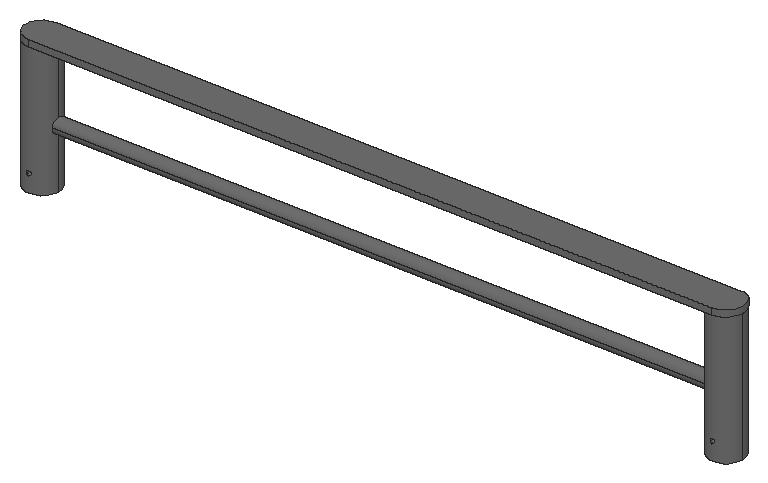
Revit family "4-ALMA-DBTCode-Ascari 600 Double Towel Rail-Finish", category Specialty Equipment, host Face, Revit 2022
Family settings
  Host = Face
  Round Connector Dimension = Use Diameter
  Part Type = Normal
  Cut with Voids When Loaded = No
  Maintain Annotation Orientation = No
  Shared = No
  Room Calculation Point = No
Parameters (values of type "MATTE BLACK")
  URL = "https://www.buildmat.com.au/products/ascari-matte-black-600-double-towel-rail"
  Model = "DBTBK600"
  Material = _BM_MATTE BLACK
  Manufacturer = "BUILDMAT"
  Default Elevation = 1219.2 mm
  Cost = 149
Types (4, lengths in mm): name | URL | Model | Material | Cost
  BRUSHED BRASS GOLD | "https://www.buildmat.com.au/products/ascari-brushed-brass-gold-600-double-towel-rail" | "DBTGD600" | _BM_BRUSHED BRASS GOLD | 169
  BRUSHED GUNMETAL | "https://www.buildmat.com.au/products/ascari-brushed-gunmetal-600-double-towel-rail" | "DBTGM600" | _BM_BRUSHED GUNMETAL | 169
  BRUSHED NICKEL | "https://www.buildmat.com.au/products/ascari-brushed-nickel-600-double-towel-rail" | "DBTBN600" | _BM_BRUSHED NICKEL | 169
  MATTE BLACK | "https://www.buildmat.com.au/products/ascari-matte-black-600-double-towel-rail" | "DBTBK600" | _BM_MATTE BLACK | 149
Reference planes
  plane 1 "Centro (Elevation)": y = 0
  plane 2 "Back": z = 0
  plane 3 "Centro (Izquierda/Derecha)": x = 0
  plane 4 "Top": y = 14.5
  plane 5 "Bottom": y = -14.5
  plane 6: x = -285.5
  plane 7: x = 285.5
  plane 8 "Left": x = -300
  plane 9 "Right": x = 300
  plane 10 "Front": z = 115
  plane 11: z = 110
  plane 12: z = 49.75
Forms (mm)
  Extrusion 1, solid, material "_BM_MATTE BLACK" <- "Material"
    sketch origin (0, 0, 115) x (1, 0, 0) y (0, 1, 0)
      loop
        arc (-285.5, 14.5) -> (-300, 0) -> (-285.5, -14.5) r 14.5
        line (-285.5, -14.5) -> (285.5, -14.5)
        arc (285.5, -14.5) -> (300, 0) -> (285.5, 14.5) r 14.5
        line (285.5, 14.5) -> (-285.5, 14.5)
    from 0 to -5
  Extrusion 2, solid, material "_BM_MATTE BLACK" <- "Material"
    sketch origin (0, 0, 0) x (1, 0, 0) y (0, 1, 0)
      loop
        circle (-285.5, 0) r 14
    from 0 to 110
  Extrusion 3, solid, material "_BM_MATTE BLACK" <- "Material"
    sketch origin (0, 0, 0) x (1, 0, 0) y (0, 1, 0)
      loop
        circle (285.5, 0) r 14
    from 0 to 110
  Extrusion 4, void
    sketch origin (0, 0, 0) x (1, 0, 0) y (0, 0, 1)
      loop
        circle (-285.5, 15) r 2
      loop
        circle (285.5, 15) r 2
    from -14.5 to 14.5
  Extrusion 5, solid, material "_BM_MATTE BLACK" <- "Material"
    sketch origin (0, 0, 0) x (0, 1, 0) y (0, 0, 1)
      loop
        circle (0, 49.75) r 6.25
    from -285.5 to 285.5
Cuts and joins
  Extrusion 4 cuts Extrusion 1
  Extrusion 4 cuts Extrusion 2
  Extrusion 4 cuts Extrusion 3
  joined: Extrusion 1, Extrusion 2, Extrusion 3, Extrusion 5
Lines and regions (mm)
  symbolic lines, style "SpecialityEquipmentHiddenLines", detail levels medium+fine
    curve 1: circle (-285.5, 0, 0) r 14 normal (0, 0, 1)
    curve 2: circle (285.5, 0, 0) r 14 normal (0, 0, 1)
Dimensions and locks
  equal spacing: plane 4 "Top", plane 1 "Centro (Elevation)", plane 5 "Bottom"
  plane 4 "Top" to plane 5 "Bottom" = 29 mm
  equal spacing: plane 6, plane 3 "Centro (Izquierda/Derecha)", plane 7
  plane 6 to plane 7 = 571 mm
  equal spacing: plane 8 "Left", plane 3 "Centro (Izquierda/Derecha)", plane 9 "Right"
  plane 8 "Left" to plane 9 "Right" = 600 mm
  plane 2 "Back" to plane 10 "Front" = 115 mm
  plane 11 to plane 10 "Front" = 5 mm
  aligned and locked: plane 2 "Back" to host face
  aligned and locked: level to host face
  aligned and locked: plane 10 "Front" to Extrusion 1
  aligned and locked: plane 11 to Extrusion 1
  aligned and locked: Extrusion 2 to plane 2 "Back"
  aligned and locked: Extrusion 3 to plane 2 "Back"
  aligned and locked: Extrusion 3 to plane 11
  aligned and locked: Extrusion 2 to plane 11
  aligned and locked: plane 4 "Top" to Extrusion 4
  aligned and locked: Extrusion 4 to plane 5 "Bottom"
  aligned and locked: plane 7 to Extrusion 5
  aligned and locked: Extrusion 5 to plane 6
Automatic sketch dimensions
  host sketch curve to host sketch curve = 2438.4 mm  (x2)
  plane 1 "Centro (Elevation)" to Extrusion 2 sketch curve = 0 mm
  Extrusion 2 sketch curve to plane 6 = 0 mm
  plane 1 "Centro (Elevation)" to Extrusion 3 sketch curve = 0 mm
  Extrusion 3 sketch curve to plane 7 = 0 mm
  level to Extrusion 4 sketch curve = 15 mm  (x2)
  Extrusion 4 sketch curve to plane 6 = 0 mm
  Extrusion 4 sketch curve to plane 7 = 0 mm
  plane 1 "Centro (Elevation)" to Extrusion 1 sketch curve = 0 mm
  Extrusion 1 sketch curve to plane 6 = 0 mm
  Extrusion 1 sketch curve to plane 4 "Top" = 0 mm
  Extrusion 1 sketch curve to plane 7 = 0 mm
  Extrusion 5 sketch curve to plane 1 "Centro (Elevation)" = 0 mm
  plane 12 to Extrusion 5 sketch curve = 0 mm
  plane 1 "Centro (Elevation)" to curve 1 = 0 mm
  curve 1 to plane 6 = 0 mm
  plane 1 "Centro (Elevation)" to curve 2 = 0 mm
  curve 2 to plane 7 = 0 mm
  radius of Extrusion 2 sketch curve = 14 mm
  radius of Extrusion 3 sketch curve = 14 mm
  radius of Extrusion 4 sketch curve = 2 mm  (x2)
  radius of Extrusion 5 sketch curve = 6.25 mm
  radius of curve 1 = 14 mm
  radius of curve 2 = 14 mm
